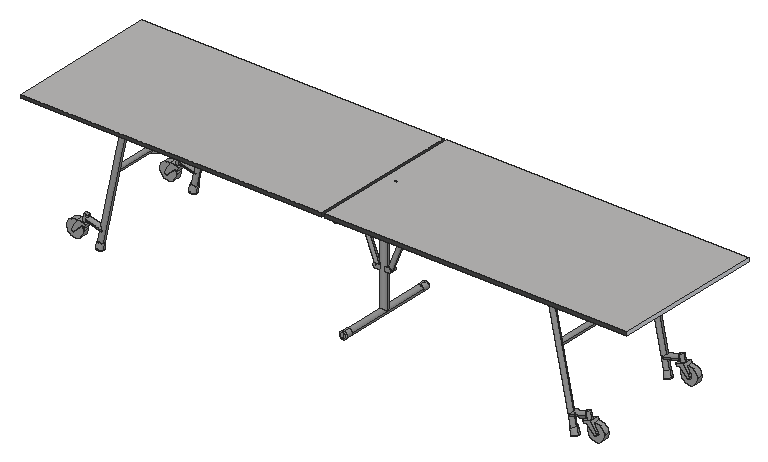
Revit family "23M Rect. 12 Long x 29 High", category Furniture, Revit 2016
Family settings
  OmniClass Number = 23.40.20.00
  OmniClass Title = General Furniture and Specialties
  Work Plane-Based = No
  Always vertical = Yes
  Cut with Voids When Loaded = No
  Shared = No
  Room Calculation Point = No
Parameters (values of type "23M15293612")
  Width = 3' - 0"
  Top [instance] = Palmer Hamilton Lt Gry
  Open [instance] = yes
  Model = "23M15293612"
  Length = 6' - 0"
  Frame [instance] = Palmer Hamilton - Frame
  Edge [instance] = Palmer Hamilton - Edge
  Closed [instance] = not(Open)  # no
Reference planes (in)
  plane 1 "Center Front/Back": y = 0
  plane 2: z = 0
  plane 3 "Center Left/Right": x = 0
  plane 4: x = -63.24988
Forms (in)
  Extrusion 1, solid, visible <- "Open"
    sketch origin (0, 0, 0) x (1, 0, 0) y (0, 1, 0)
      loop
        line (-72, 18) -> (-72, -18) -> (-0.375, -18) -> (-0.375, 18) -> (-72, 18)
    from 28.46537 to 29.28037
  Extrusion 2, solid, material "Palmer Hamilton - Frame" <- "Frame", visible <- "Open"
    sketch origin (0, 0, 0) x (1, 0, 0) y (0, 1, 0)
      loop
        line (-1, 14.5647) -> (-46, 14.5647) -> (-46, 14.4397) -> (-1, 14.4397) -> (-1, 14.5647)
      loop
        line (-1, -14.5647) -> (-1, -14.4397) -> (-56.00047, -14.4397) -> (-56.00047, -14.5647) -> (-1, -14.5647)
      loop
        line (-1, -2.9406) -> (-1, -2.8156) -> (-11.25, -2.8156) -> (-11.25, -2.9406) -> (-1, -2.9406)
      loop
        line (-11.25, 2.6994) -> (-11.25, 2.5744) -> (-1, 2.5744) -> (-1, 2.6994) -> (-11.25, 2.6994)
    from 26.71537 to 28.46537
  Extrusion 3, solid, material "Palmer Hamilton - Frame" <- "Frame", visible <- "Open"
    sketch origin (0, 0, 2.0625) x (1, 0, 0) y (0, 0, 1)
      loop
        line (-1, 25.71687) -> (-1, 26.41783) -> (-2.2141, 26.41783) -> (-2.2141, 24.66783) -> (-1.68301, 24.66783) -> (-0.3125, 23.87657)
        arc (-0.3125, 23.87657) -> (0.54127, 24.10533) -> (0.3125, 24.9591) r 0.625
        line (0.3125, 24.9591) -> (-1, 25.71687)
    from 14.5647 to 14.6547
  Extrusion 4, solid, material "Palmer Hamilton - Frame" <- "Frame", visible <- "Open"
    sketch origin (0, 0, 2.0625) x (1, 0, 0) y (0, 0, 1)
      loop
        line (-1, 25.71687) -> (-1, 26.41783) -> (-2.2141, 26.41783) -> (-2.2141, 24.66783) -> (-1.68301, 24.66783) -> (-0.3125, 23.87657)
        arc (-0.3125, 23.87657) -> (0.54127, 24.10533) -> (0.3125, 24.9591) r 0.625
        line (0.3125, 24.9591) -> (-1, 25.71687)
    from -14.4397 to -14.2345
  Extrusion 5, solid, material "Palmer Hamilton - Frame" <- "Frame", visible <- "Open"
    sketch origin (-19.11406, -1.84334, -5.19589) x (0.97817, 0, -0.207805) y (0, 1, 0)
      loop
        circle (-37.61218, -11.99504) r 0.625
    from -0.7676 to 25.54283
  Extrusion 6, solid, material "Palmer Hamilton - Frame" <- "Frame", visible <- "Open"
    sketch origin (-24.29272, -1.84334, -7.59113) x (0.96853, 0, -0.248899) y (0, 1, 0)
      loop
        circle (-37.61218, -11.99504) r 0.5
    from 3.24005 to 4.80312
  Extrusion 7, solid, material "Palmer Hamilton - Frame" <- "Frame", visible <- "Open"
    sketch origin (-16.83799, -1.84334, -8.39066) x (0, 1, 0) y (0.248899, 0, 0.96853)
      loop
        circle (-11.99504, 2.93123) r 0.625
    from -44.60154 to -40.56576
  Extrusion 8, solid, material "Palmer Hamilton - Steel", visible <- "Open"
    sketch origin (-10.09727, 0, 0) x (1, 0, 0) y (0, 0, 1)
      loop
        line (-52.03289, 3.19045) -> (-52.13109, 2.60323)
        arc (-52.13109, 2.60323) -> (-52.09644, 2.45601) -> (-51.96719, 2.37748) r 0.19565
        line (-51.96719, 2.37748) -> (-51.66391, 2.3319) -> (-49.7575, 4.11073) -> (-49.03037, 4.04579) -> (-48.86921, 4.64752) -> (-50.88816, 5.18826) -> (-52.03289, 3.19045)
    from 12.75797 to 14.81873
  Extrusion 9, solid, material "Palmer Hamilton - Caster", visible <- "Open"
    sketch origin (-10.09727, 0, 0) x (1, 0, 0) y (0, 0, 1)
      loop
        circle (-51.73769, 2.82768) r 2
    from 13.19373 to 14.44373
  Revolve 10, solid, material "Palmer Hamilton - Caster", visible <- "Open"
    sketch origin (-10.51421, -13.81873, 0.08862) x (1, 0, 0) y (0, 0, 1)
      loop
        line (-45.5482, 1.78014) -> (-46.23778, 1.92672) -> (-46.75081, 0.51718)
        arc (-46.75081, 0.51718) -> (-46.74816, 0.39542) -> (-46.66395, 0.30744) r 0.16803
        line (-46.66395, 0.30744) -> (-45.89593, 0.14419) -> (-45.5482, 1.78014)
      axis (-45.5482, 1.78014) -> (-45.89593, 0.14419)
    angle from 0 to 360
  Extrusion 11, solid, material "Palmer Hamilton - Frame" <- "Frame", visible <- "Open"
    sketch origin (-19.11406, 1.84334, -5.19589) x (0.97817, 0, -0.207805) y (0, 1, 0)
      loop
        circle (-37.61218, 11.99504) r 0.625
    from -0.7676 to 25.54283
  Extrusion 12, solid, material "Palmer Hamilton - Frame" <- "Frame", visible <- "Open"
    sketch origin (-24.29272, 1.84334, -7.59113) x (0.96853, 0, -0.248899) y (0, 1, 0)
      loop
        circle (-37.61218, 11.99504) r 0.5
    from 3.24005 to 4.80312
  Extrusion 13, solid, material "Palmer Hamilton - Frame" <- "Frame", visible <- "Open"
    sketch origin (-16.83799, 1.84334, -8.39066) x (0, -1, 0) y (-0.248899, 0, -0.96853)
      loop
        circle (-11.99504, -2.93123) r 0.625
    from -44.60154 to -40.56576
  Extrusion 14, solid, material "Palmer Hamilton - Steel", visible <- "Open"
    sketch origin (-10.09727, 0, 0) x (1, 0, 0) y (0, 0, -1)
      loop
        line (-52.03289, -3.19045) -> (-50.88816, -5.18826) -> (-48.86921, -4.64752) -> (-49.03037, -4.04579) -> (-49.7575, -4.11073) -> (-51.66391, -2.3319) -> (-51.96719, -2.37748)
        arc (-51.96719, -2.37748) -> (-52.09644, -2.45601) -> (-52.13109, -2.60323) r 0.19565
        line (-52.13109, -2.60323) -> (-52.03289, -3.19045)
    from 12.75797 to 14.81873
  Extrusion 15, solid, material "Palmer Hamilton - Caster", visible <- "Open"
    sketch origin (-10.09727, 0, 0) x (1, 0, 0) y (0, 0, -1)
      loop
        circle (-51.73769, -2.82768) r 2
    from 13.19373 to 14.44373
  Revolve 16, solid, material "Palmer Hamilton - Caster", visible <- "Open"
    sketch origin (-10.51421, 13.81873, 0.08862) x (1, 0, 0) y (0, 0, -1)
      loop
        line (-45.5482, -1.78014) -> (-45.89593, -0.14419) -> (-46.66395, -0.30744)
        arc (-46.66395, -0.30744) -> (-46.74816, -0.39542) -> (-46.75081, -0.51718) r 0.16803
        line (-46.75081, -0.51718) -> (-46.23778, -1.92672) -> (-45.5482, -1.78014)
      axis (-45.5482, -1.78014) -> (-45.89593, -0.14419)
    angle from 0 to 360
  Extrusion 17, solid, material "Palmer Hamilton - Frame" <- "Frame", visible <- "Open"
    sketch origin (-10.09727, 0, 2.0625) x (1, 0, 0) y (0, 0, 1)
      loop
        circle (-42.48052, 16.22033) r 0.625
    from -13.80887 to 13.79175
  Extrusion 18, solid, material "Palmer Hamilton - Frame" <- "Frame", visible <- "Open"
    sketch origin (0, 0, -0.05827) x (1, 0, 0) y (0, 0, 1)
      loop
        circle (0, 0.81533) r 0.75
    from -10.64625 to 10.58375
  Revolve 19, solid, material "Palmer Hamilton - Caster", visible <- "Open"
    sketch origin (0, 0, 0) x (0, 1, 0) y (0, 0, 1)
      loop
        arc (-12.1243, 1.60492) -> (-12.21555, 1.56995) -> (-12.25375, 1.48) r 0.125
        line (-12.25375, 1.48) -> (-12.25375, 0.77853) -> (-10.58375, 0.77853) -> (-10.58375, 1.55) -> (-12.1243, 1.60492)
      axis (-10.58375, 0.77853) -> (-12.25375, 0.77853)
    angle from 0 to 360
  Revolve 20, solid, material "Palmer Hamilton - Caster", visible <- "Open"
    sketch origin (0, 0, 0) x (0, -1, 0) y (0, 0, 1)
      loop
        arc (-12.1243, 1.60492) -> (-12.21555, 1.56995) -> (-12.25375, 1.48) r 0.125
        line (-12.25375, 1.48) -> (-12.25375, 0.77853) -> (-10.58375, 0.77853) -> (-10.58375, 1.55) -> (-12.1243, 1.60492)
      axis (-10.58375, 0.77853) -> (-12.25375, 0.77853)
    angle from 0 to 360
  Extrusion 21, solid, material "Palmer Hamilton - Frame" <- "Frame", visible <- "Open"
    sketch origin (0, 0, 0) x (1, 0, 0) y (0, 1, 0)
      loop
        circle (0, 0) r 0.75
    from 0.78805 to 27.76852
  Extrusion 22, solid, material "Palmer Hamilton - Frame" <- "Frame", visible <- "Open"
    sketch origin (8.36945, 0, 6.78192) x (0.931065, 0, 0.364854) y (0, 1, 0)
      loop
        circle (-8.10904, 0) r 0.5
    from 6.40638 to 25.54283
  Extrusion 23, solid, material "Palmer Hamilton - Frame" <- "Frame", visible <- "Open"
    sketch origin (0, 0, 2.0625) x (1, 0, 0) y (0, 0, 1)
      loop
        arc (-1.632, 8.5165) -> (-2.132, 8.0165) -> (-1.632, 7.5165) r 0.5
        line (-1.632, 7.5165) -> (1.632, 7.5165)
        arc (1.632, 7.5165) -> (2.132, 8.0165) -> (1.632, 8.5165) r 0.5
        line (1.632, 8.5165) -> (-1.632, 8.5165)
    from -0.69625 to 0.63375
  Extrusion 24, solid, material "Palmer Hamilton - Frame" <- "Frame", visible <- "Open"
    sketch origin (-10.09727, 0, 2.0625) x (1, 0, 0) y (0, 0, 1)
      loop
        arc (-40.07379, 16.44822) -> (-39.75284, 17.07829) -> (-40.38291, 17.39924) r 0.5
        line (-40.38291, 17.39924) -> (-42.23788, 16.7963) -> (-41.9787, 15.82905) -> (-40.07379, 16.44822)
    from 2.89343 to 4.17468
  Sweep 25, solid, material "Palmer Hamilton - Frame" <- "Frame", visible <- "Open"
    path origin (0, -3.5, 2.0625) x (1, 0, 0) y (0, 0, 1)
      loop
        line (-50.95751, 16.71355) -> (-30.18266, 22.2503)
        arc (-30.18266, 22.2503) -> (-29.93996, 22.30432) -> (-29.69363, 22.33806) r 3
        line (-29.69363, 22.33806) -> (-0.02607, 25.15457)
    profile origin (-40.57009, -3.5, 21.54442) x (-0.257524, 0, 0.966272) y (0, -1, 0)
      loop
        circle (0.00202, 0) r 0.5
  Extrusion 26, solid, visible <- "Closed"
    sketch origin (25.80265, 0, 71.45786) x (0.235142, 0, 0.971961) y (0, 1, 0)
      loop
        line (-72, 18) -> (-72, -18) -> (-0.375, -18) -> (-0.375, 18) -> (-72, 18)
    from 28.46537 to 29.28037
  Extrusion 27, solid, material "Palmer Hamilton - Frame" <- "Frame", visible <- "Closed"
    sketch origin (25.80265, 0, 71.45786) x (0.235142, 0, 0.971961) y (0, 1, 0)
      loop
        line (-1, 14.5647) -> (-46, 14.5647) -> (-46, 14.4397) -> (-1, 14.4397) -> (-1, 14.5647)
      loop
        line (-1, -14.5647) -> (-1, -14.4397) -> (-56.00047, -14.4397) -> (-56.00047, -14.5647) -> (-1, -14.5647)
      loop
        line (-1, -2.9406) -> (-1, -2.8156) -> (-11.25, -2.8156) -> (-11.25, -2.9406) -> (-1, -2.9406)
      loop
        line (-11.25, 2.6994) -> (-11.25, 2.5744) -> (-1, 2.5744) -> (-1, 2.6994) -> (-11.25, 2.6994)
    from 26.71537 to 28.46537
  Extrusion 28, solid, material "Palmer Hamilton - Frame" <- "Frame", visible <- "Closed"
    sketch origin (23.79798, 0, 71.94284) x (0.235142, 0, 0.971961) y (-0.971961, 0, 0.235142)
      loop
        line (-1, 25.71687) -> (-1, 26.41783) -> (-2.2141, 26.41783) -> (-2.2141, 24.66783) -> (-1.68301, 24.66783) -> (-0.3125, 23.87657)
        arc (-0.3125, 23.87657) -> (0.54127, 24.10533) -> (0.3125, 24.9591) r 0.625
        line (0.3125, 24.9591) -> (-1, 25.71687)
    from 14.5647 to 14.6547
  Extrusion 29, solid, material "Palmer Hamilton - Frame" <- "Frame", visible <- "Closed"
    sketch origin (23.79798, 0, 71.94284) x (0.235142, 0, 0.971961) y (-0.971961, 0, 0.235142)
      loop
        line (-1, 25.71687) -> (-1, 26.41783) -> (-2.2141, 26.41783) -> (-2.2141, 24.66783) -> (-1.68301, 24.66783) -> (-0.3125, 23.87657)
        arc (-0.3125, 23.87657) -> (0.54127, 24.10533) -> (0.3125, 24.9591) r 0.625
        line (0.3125, 24.9591) -> (-1, 25.71687)
    from -14.4397 to -14.2345
  Extrusion 30, solid, material "Palmer Hamilton - Frame" <- "Frame", visible <- "Closed"
    sketch origin (0, 0, 39.74619) x (1, 0, 0) y (0, 0, 1)
      loop
        circle (0, 0.81533) r 0.75
    from -10.64625 to 10.58375
  Revolve 31, solid, material "Palmer Hamilton - Caster", visible <- "Closed"
    sketch origin (0, 0, 39.80446) x (0, 1, 0) y (0, 0, 1)
      loop
        arc (-12.1243, 1.60492) -> (-12.21555, 1.56995) -> (-12.25375, 1.48) r 0.125
        line (-12.25375, 1.48) -> (-12.25375, 0.77853) -> (-10.58375, 0.77853) -> (-10.58375, 1.55) -> (-12.1243, 1.60492)
      axis (-10.58375, 0.77853) -> (-12.25375, 0.77853)
    angle from 0 to 360
  Revolve 32, solid, material "Palmer Hamilton - Caster", visible <- "Closed"
    sketch origin (0, 0, 39.80446) x (0, -1, 0) y (0, 0, 1)
      loop
        arc (-12.1243, 1.60492) -> (-12.21555, 1.56995) -> (-12.25375, 1.48) r 0.125
        line (-12.25375, 1.48) -> (-12.25375, 0.77853) -> (-10.58375, 0.77853) -> (-10.58375, 1.55) -> (-12.1243, 1.60492)
      axis (-10.58375, 0.77853) -> (-12.25375, 0.77853)
    angle from 0 to 360
  Extrusion 33, solid, material "Palmer Hamilton - Frame" <- "Frame", visible <- "Closed"
    sketch origin (7.08113, 0, 43.97777) x (0.99541, 0, 0.095706) y (0, 1, 0)
      loop
        circle (-8.10904, 0) r 0.5
    from 6.40638 to 25.54283
  Extrusion 34, solid, material "Palmer Hamilton - Frame" <- "Frame", visible <- "Closed"
    sketch origin (0, 0, 41.86696) x (1, 0, 0) y (0, 0, 1)
      loop
        arc (-1.632, 8.5165) -> (-2.132, 8.0165) -> (-1.632, 7.5165) r 0.5
        line (-1.632, 7.5165) -> (1.632, 7.5165)
        arc (1.632, 7.5165) -> (2.132, 8.0165) -> (1.632, 8.5165) r 0.5
        line (1.632, 8.5165) -> (-1.632, 8.5165)
    from -0.69625 to 0.63375
  Extrusion 35, solid, material "Palmer Hamilton - Frame" <- "Frame", visible <- "Closed"
    sketch origin (-0.0081, 0, 0) x (-1, 0, 0) y (0, -1, 0)
      loop
        circle (0, 0) r 0.75
    from 40.45158 to 77.97096
  Extrusion 36, solid, material "Palmer Hamilton - Frame" <- "Frame", visible <- "Closed"
    sketch origin (26.79717, -1.84334, 6.78367) x (0.995936, 0, 0.090063) y (0, 1, 0)
      loop
        circle (-37.61218, -11.99504) r 0.625
    from -0.7676 to 25.54283
  Extrusion 37, solid, material "Palmer Hamilton - Frame" <- "Frame", visible <- "Closed"
    sketch origin (22.55581, -1.84334, 2.96707) x (0.99885, 0, 0.047954) y (0, 1, 0)
      loop
        circle (-37.61218, -11.99504) r 0.5
    from 3.24005 to 4.80312
  Extrusion 38, solid, material "Palmer Hamilton - Frame" <- "Frame", visible <- "Closed"
    sketch origin (29.91456, -1.84334, 4.40271) x (0, 1, 0) y (-0.047954, 0, 0.99885)
      loop
        circle (-11.99504, 2.93123) r 0.625
    from -44.60154 to -40.56576
  Extrusion 39, solid, material "Palmer Hamilton - Steel", visible <- "Closed"
    sketch origin (33.87945, 0, 14.40871) x (0.95548, 0, 0.295057) y (-0.295057, 0, 0.95548)
      loop
        line (-52.03289, 3.19045) -> (-52.13109, 2.60323)
        arc (-52.13109, 2.60323) -> (-52.09644, 2.45601) -> (-51.96719, 2.37748) r 0.19565
        line (-51.96719, 2.37748) -> (-51.66391, 2.3319) -> (-49.7575, 4.11073) -> (-49.03037, 4.04579) -> (-48.86921, 4.64752) -> (-50.88816, 5.18826) -> (-52.03289, 3.19045)
    from 12.75797 to 14.81873
  Extrusion 40, solid, material "Palmer Hamilton - Caster", visible <- "Closed"
    sketch origin (33.87945, 0, 14.40871) x (0.95548, 0, 0.295057) y (-0.295057, 0, 0.95548)
      loop
        circle (-51.73769, 2.82768) r 2
    from 13.19373 to 14.44373
  Revolve 41, solid, material "Palmer Hamilton - Caster", visible <- "Closed"
    sketch origin (33.45492, -13.81873, 14.37037) x (0.95548, 0, 0.295057) y (-0.295057, 0, 0.95548)
      loop
        line (-45.5482, 1.78014) -> (-46.23778, 1.92672) -> (-46.75081, 0.51718)
        arc (-46.75081, 0.51718) -> (-46.74816, 0.39542) -> (-46.66395, 0.30744) r 0.16803
        line (-46.66395, 0.30744) -> (-45.89593, 0.14419) -> (-45.5482, 1.78014)
      axis (-45.5482, 1.78014) -> (-45.89593, 0.14419)
    angle from 0 to 360
  Extrusion 42, solid, material "Palmer Hamilton - Frame" <- "Frame", visible <- "Closed"
    sketch origin (26.79717, 1.84334, 6.78367) x (0.995936, 0, 0.090063) y (0, 1, 0)
      loop
        circle (-37.61218, 11.99504) r 0.625
    from -0.7676 to 25.54283
  Extrusion 43, solid, material "Palmer Hamilton - Frame" <- "Frame", visible <- "Closed"
    sketch origin (22.55581, 1.84334, 2.96707) x (0.99885, 0, 0.047954) y (0, 1, 0)
      loop
        circle (-37.61218, 11.99504) r 0.5
    from 3.24005 to 4.80312
  Extrusion 44, solid, material "Palmer Hamilton - Frame" <- "Frame", visible <- "Closed"
    sketch origin (29.91456, 1.84334, 4.40271) x (0, -1, 0) y (0.047954, 0, -0.99885)
      loop
        circle (-11.99504, -2.93123) r 0.625
    from -44.60154 to -40.56576
  Extrusion 45, solid, material "Palmer Hamilton - Steel", visible <- "Closed"
    sketch origin (33.87945, 0, 14.40871) x (0.95548, 0, 0.295057) y (0.295057, 0, -0.95548)
      loop
        line (-52.03289, -3.19045) -> (-50.88816, -5.18826) -> (-48.86921, -4.64752) -> (-49.03037, -4.04579) -> (-49.7575, -4.11073) -> (-51.66391, -2.3319) -> (-51.96719, -2.37748)
        arc (-51.96719, -2.37748) -> (-52.09644, -2.45601) -> (-52.13109, -2.60323) r 0.19565
        line (-52.13109, -2.60323) -> (-52.03289, -3.19045)
    from 12.75797 to 14.81873
  Extrusion 46, solid, material "Palmer Hamilton - Caster", visible <- "Closed"
    sketch origin (33.87945, 0, 14.40871) x (0.95548, 0, 0.295057) y (0.295057, 0, -0.95548)
      loop
        circle (-51.73769, -2.82768) r 2
    from 13.19373 to 14.44373
  Revolve 47, solid, material "Palmer Hamilton - Caster", visible <- "Closed"
    sketch origin (33.45492, 13.81873, 14.37037) x (0.95548, 0, 0.295057) y (0.295057, 0, -0.95548)
      loop
        line (-45.5482, -1.78014) -> (-45.89593, -0.14419) -> (-46.66395, -0.30744)
        arc (-46.66395, -0.30744) -> (-46.74816, -0.39542) -> (-46.75081, -0.51718) r 0.16803
        line (-46.75081, -0.51718) -> (-46.23778, -1.92672) -> (-45.5482, -1.78014)
      axis (-45.5482, -1.78014) -> (-45.89593, -0.14419)
    angle from 0 to 360
  Extrusion 48, solid, material "Palmer Hamilton - Frame" <- "Frame", visible <- "Closed"
    sketch origin (33.2709, 0, 16.37939) x (0.95548, 0, 0.295057) y (-0.295057, 0, 0.95548)
      loop
        circle (-42.48052, 16.22033) r 0.625
    from -13.80887 to 13.79175
  Extrusion 49, solid, material "Palmer Hamilton - Frame" <- "Frame", visible <- "Closed"
    sketch origin (33.2709, 0, 16.37939) x (0.95548, 0, 0.295057) y (-0.295057, 0, 0.95548)
      loop
        arc (-40.07379, 16.44822) -> (-39.75284, 17.07829) -> (-40.38291, 17.39924) r 0.5
        line (-40.38291, 17.39924) -> (-42.23788, 16.7963) -> (-41.9787, 15.82905) -> (-40.07379, 16.44822)
    from 2.89343 to 4.17468
  Sweep 50, solid, material "Palmer Hamilton - Frame" <- "Frame", visible <- "Closed"
    path origin (0, 0, 0) x (1, 0, 0) y (0, 0, 1)
      loop
        line (-10.21647, 20.29906) -> (-7.6514, 41.3145)
        arc (-7.6514, 41.3145) -> (-7.61108, 41.55984) -> (-7.55057, 41.80101) r 3
        line (-7.55057, 41.80101) -> (1.87006, 73.68853)
    profile origin (-8.93393, 0, 30.80678) x (-0.992633, 0, 0.121157) y (0, -1, 0)
      loop
        circle (0, 3.53405) r 0.5
  Extrusion 51, solid, visible <- "Open"
    sketch origin (0, 0, 0) x (-1, 0, 0) y (0, -1, 0)
      loop
        line (-72, 18) -> (-72, -18) -> (-0.375, -18) -> (-0.375, 18) -> (-72, 18)
    from 28.46537 to 29.28037
  Extrusion 52, solid, material "Palmer Hamilton - Frame" <- "Frame", visible <- "Open"
    sketch origin (0, 0, 0) x (-1, 0, 0) y (0, -1, 0)
      loop
        line (-1, 14.5647) -> (-46, 14.5647) -> (-46, 14.4397) -> (-1, 14.4397) -> (-1, 14.5647)
      loop
        line (-1, -14.5647) -> (-1, -14.4397) -> (-56.00047, -14.4397) -> (-56.00047, -14.5647) -> (-1, -14.5647)
      loop
        line (-1, -2.9406) -> (-1, -2.8156) -> (-11.25, -2.8156) -> (-11.25, -2.9406) -> (-1, -2.9406)
      loop
        line (-11.25, 2.6994) -> (-11.25, 2.5744) -> (-1, 2.5744) -> (-1, 2.6994) -> (-11.25, 2.6994)
    from 26.71537 to 28.46537
  Extrusion 53, solid, material "Palmer Hamilton - Frame" <- "Frame", visible <- "Open"
    sketch origin (0, 0, 2.0625) x (-1, 0, 0) y (0, 0, 1)
      loop
        line (-1, 25.71687) -> (-1, 26.41783) -> (-2.2141, 26.41783) -> (-2.2141, 24.66783) -> (-1.68301, 24.66783) -> (-0.3125, 23.87657)
        arc (-0.3125, 23.87657) -> (0.54127, 24.10533) -> (0.3125, 24.9591) r 0.625
        line (0.3125, 24.9591) -> (-1, 25.71687)
    from 14.5647 to 14.6547
  Extrusion 54, solid, material "Palmer Hamilton - Frame" <- "Frame", visible <- "Open"
    sketch origin (0, 0, 2.0625) x (-1, 0, 0) y (0, 0, 1)
      loop
        line (-1, 25.71687) -> (-1, 26.41783) -> (-2.2141, 26.41783) -> (-2.2141, 24.66783) -> (-1.68301, 24.66783) -> (-0.3125, 23.87657)
        arc (-0.3125, 23.87657) -> (0.54127, 24.10533) -> (0.3125, 24.9591) r 0.625
        line (0.3125, 24.9591) -> (-1, 25.71687)
    from -14.4397 to -14.2345
  Extrusion 55, solid, material "Palmer Hamilton - Frame" <- "Frame", visible <- "Open"
    sketch origin (19.11406, 1.84334, -5.19589) x (-0.97817, 0, -0.207805) y (0, -1, 0)
      loop
        circle (-37.61218, -11.99504) r 0.625
    from -0.7676 to 25.54283
  Extrusion 56, solid, material "Palmer Hamilton - Frame" <- "Frame", visible <- "Open"
    sketch origin (24.29272, 1.84334, -7.59113) x (-0.96853, 0, -0.248899) y (0, -1, 0)
      loop
        circle (-37.61218, -11.99504) r 0.5
    from 3.24005 to 4.80312
  Extrusion 57, solid, material "Palmer Hamilton - Frame" <- "Frame", visible <- "Open"
    sketch origin (16.83799, 1.84334, -8.39066) x (0, -1, 0) y (-0.248899, 0, 0.96853)
      loop
        circle (-11.99504, 2.93123) r 0.625
    from -44.60154 to -40.56576
  Extrusion 58, solid, material "Palmer Hamilton - Steel", visible <- "Open"
    sketch origin (10.09727, 0, 0) x (-1, 0, 0) y (0, 0, 1)
      loop
        line (-52.03289, 3.19045) -> (-52.13109, 2.60323)
        arc (-52.13109, 2.60323) -> (-52.09644, 2.45601) -> (-51.96719, 2.37748) r 0.19565
        line (-51.96719, 2.37748) -> (-51.66391, 2.3319) -> (-49.7575, 4.11073) -> (-49.03037, 4.04579) -> (-48.86921, 4.64752) -> (-50.88816, 5.18826) -> (-52.03289, 3.19045)
    from 12.75797 to 14.81873
  Extrusion 59, solid, material "Palmer Hamilton - Caster", visible <- "Open"
    sketch origin (10.09727, 0, 0) x (-1, 0, 0) y (0, 0, 1)
      loop
        circle (-51.73769, 2.82768) r 2
    from 13.19373 to 14.44373
  Revolve 60, solid, material "Palmer Hamilton - Caster", visible <- "Open"
    sketch origin (10.51421, 13.81873, 0.08862) x (-1, 0, 0) y (0, 0, 1)
      loop
        line (-45.5482, 1.78014) -> (-46.23778, 1.92672) -> (-46.75081, 0.51718)
        arc (-46.75081, 0.51718) -> (-46.74816, 0.39542) -> (-46.66395, 0.30744) r 0.16803
        line (-46.66395, 0.30744) -> (-45.89593, 0.14419) -> (-45.5482, 1.78014)
      axis (-45.5482, 1.78014) -> (-45.89593, 0.14419)
    angle from 0 to 360
  Extrusion 61, solid, material "Palmer Hamilton - Frame" <- "Frame", visible <- "Open"
    sketch origin (19.11406, -1.84334, -5.19589) x (-0.97817, 0, -0.207805) y (0, -1, 0)
      loop
        circle (-37.61218, 11.99504) r 0.625
    from -0.7676 to 25.54283
  Extrusion 62, solid, material "Palmer Hamilton - Frame" <- "Frame", visible <- "Open"
    sketch origin (24.29272, -1.84334, -7.59113) x (-0.96853, 0, -0.248899) y (0, -1, 0)
      loop
        circle (-37.61218, 11.99504) r 0.5
    from 3.24005 to 4.80312
  Extrusion 63, solid, material "Palmer Hamilton - Frame" <- "Frame", visible <- "Open"
    sketch origin (16.83799, -1.84334, -8.39066) x (0, 1, 0) y (0.248899, 0, -0.96853)
      loop
        circle (-11.99504, -2.93123) r 0.625
    from -44.60154 to -40.56576
  Extrusion 64, solid, material "Palmer Hamilton - Steel", visible <- "Open"
    sketch origin (10.09727, 0, 0) x (-1, 0, 0) y (0, 0, -1)
      loop
        line (-52.03289, -3.19045) -> (-50.88816, -5.18826) -> (-48.86921, -4.64752) -> (-49.03037, -4.04579) -> (-49.7575, -4.11073) -> (-51.66391, -2.3319) -> (-51.96719, -2.37748)
        arc (-51.96719, -2.37748) -> (-52.09644, -2.45601) -> (-52.13109, -2.60323) r 0.19565
        line (-52.13109, -2.60323) -> (-52.03289, -3.19045)
    from 12.75797 to 14.81873
  Extrusion 65, solid, material "Palmer Hamilton - Caster", visible <- "Open"
    sketch origin (10.09727, 0, 0) x (-1, 0, 0) y (0, 0, -1)
      loop
        circle (-51.73769, -2.82768) r 2
    from 13.19373 to 14.44373
  Revolve 66, solid, material "Palmer Hamilton - Caster", visible <- "Open"
    sketch origin (10.51421, -13.81873, 0.08862) x (-1, 0, 0) y (0, 0, -1)
      loop
        line (-45.5482, -1.78014) -> (-45.89593, -0.14419) -> (-46.66395, -0.30744)
        arc (-46.66395, -0.30744) -> (-46.74816, -0.39542) -> (-46.75081, -0.51718) r 0.16803
        line (-46.75081, -0.51718) -> (-46.23778, -1.92672) -> (-45.5482, -1.78014)
      axis (-45.5482, -1.78014) -> (-45.89593, -0.14419)
    angle from 0 to 360
  Extrusion 67, solid, material "Palmer Hamilton - Frame" <- "Frame", visible <- "Open"
    sketch origin (10.09727, 0, 2.0625) x (-1, 0, 0) y (0, 0, 1)
      loop
        circle (-42.48052, 16.22033) r 0.625
    from -13.80887 to 13.79175
  Extrusion 68, solid, material "Palmer Hamilton - Frame" <- "Frame", visible <- "Open"
    sketch origin (-8.36945, 0, 6.78192) x (-0.931065, 0, 0.364854) y (0, -1, 0)
      loop
        circle (-8.10904, 0) r 0.5
    from 6.40638 to 25.54283
  Extrusion 69, solid, material "Palmer Hamilton - Frame" <- "Frame", visible <- "Open"
    sketch origin (10.09727, 0, 2.0625) x (-1, 0, 0) y (0, 0, 1)
      loop
        arc (-40.07379, 16.44822) -> (-39.75284, 17.07829) -> (-40.38291, 17.39924) r 0.5
        line (-40.38291, 17.39924) -> (-42.23788, 16.7963) -> (-41.9787, 15.82905) -> (-40.07379, 16.44822)
    from 2.89343 to 4.17468
  Sweep 70, solid, material "Palmer Hamilton - Frame" <- "Frame", visible <- "Open"
    path origin (0, 3.5, 2.0625) x (-1, 0, 0) y (0, 0, 1)
      loop
        line (-50.95751, 16.71355) -> (-30.18266, 22.2503)
        arc (-30.18266, 22.2503) -> (-29.93996, 22.30432) -> (-29.69363, 22.33806) r 3
        line (-29.69363, 22.33806) -> (-0.02607, 25.15457)
    profile origin (40.57009, 3.5, 21.54442) x (0.257524, 0, 0.966272) y (0, 1, 0)
      loop
        circle (0.00202, 0) r 0.5
  Extrusion 71, solid, visible <- "Closed"
    sketch origin (-25.80265, 0, 71.45786) x (-0.235142, 0, 0.971961) y (0, -1, 0)
      loop
        line (-72, 18) -> (-72, -18) -> (-0.375, -18) -> (-0.375, 18) -> (-72, 18)
    from 28.46537 to 29.28037
  Extrusion 72, solid, material "Palmer Hamilton - Frame" <- "Frame", visible <- "Closed"
    sketch origin (-25.80265, 0, 71.45786) x (-0.235142, 0, 0.971961) y (0, -1, 0)
      loop
        line (-1, 14.5647) -> (-46, 14.5647) -> (-46, 14.4397) -> (-1, 14.4397) -> (-1, 14.5647)
      loop
        line (-1, -14.5647) -> (-1, -14.4397) -> (-56.00047, -14.4397) -> (-56.00047, -14.5647) -> (-1, -14.5647)
      loop
        line (-1, -2.9406) -> (-1, -2.8156) -> (-11.25, -2.8156) -> (-11.25, -2.9406) -> (-1, -2.9406)
      loop
        line (-11.25, 2.6994) -> (-11.25, 2.5744) -> (-1, 2.5744) -> (-1, 2.6994) -> (-11.25, 2.6994)
    from 26.71537 to 28.46537
  Extrusion 73, solid, material "Palmer Hamilton - Frame" <- "Frame", visible <- "Closed"
    sketch origin (-23.79798, 0, 71.94284) x (-0.235142, 0, 0.971961) y (0.971961, 0, 0.235142)
      loop
        line (-1, 25.71687) -> (-1, 26.41783) -> (-2.2141, 26.41783) -> (-2.2141, 24.66783) -> (-1.68301, 24.66783) -> (-0.3125, 23.87657)
        arc (-0.3125, 23.87657) -> (0.54127, 24.10533) -> (0.3125, 24.9591) r 0.625
        line (0.3125, 24.9591) -> (-1, 25.71687)
    from 14.5647 to 14.6547
  Extrusion 74, solid, material "Palmer Hamilton - Frame" <- "Frame", visible <- "Closed"
    sketch origin (-23.79798, 0, 71.94284) x (-0.235142, 0, 0.971961) y (0.971961, 0, 0.235142)
      loop
        line (-1, 25.71687) -> (-1, 26.41783) -> (-2.2141, 26.41783) -> (-2.2141, 24.66783) -> (-1.68301, 24.66783) -> (-0.3125, 23.87657)
        arc (-0.3125, 23.87657) -> (0.54127, 24.10533) -> (0.3125, 24.9591) r 0.625
        line (0.3125, 24.9591) -> (-1, 25.71687)
    from -14.4397 to -14.2345
  Extrusion 75, solid, material "Palmer Hamilton - Frame" <- "Frame", visible <- "Closed"
    sketch origin (-7.08113, 0, 43.97777) x (-0.99541, 0, 0.095706) y (0, -1, 0)
      loop
        circle (-8.10904, 0) r 0.5
    from 6.40638 to 25.54283
  Extrusion 76, solid, material "Palmer Hamilton - Frame" <- "Frame", visible <- "Closed"
    sketch origin (-26.79717, 1.84334, 6.78367) x (-0.995936, 0, 0.090063) y (0, -1, 0)
      loop
        circle (-37.61218, -11.99504) r 0.625
    from -0.7676 to 25.54283
  Extrusion 77, solid, material "Palmer Hamilton - Frame" <- "Frame", visible <- "Closed"
    sketch origin (-22.55581, 1.84334, 2.96707) x (-0.99885, 0, 0.047954) y (0, -1, 0)
      loop
        circle (-37.61218, -11.99504) r 0.5
    from 3.24005 to 4.80312
  Extrusion 78, solid, material "Palmer Hamilton - Frame" <- "Frame", visible <- "Closed"
    sketch origin (-29.91456, 1.84334, 4.40271) x (0, -1, 0) y (0.047954, 0, 0.99885)
      loop
        circle (-11.99504, 2.93123) r 0.625
    from -44.60154 to -40.56576
  Extrusion 79, solid, material "Palmer Hamilton - Steel", visible <- "Closed"
    sketch origin (-33.87945, 0, 14.40871) x (-0.95548, 0, 0.295057) y (0.295057, 0, 0.95548)
      loop
        line (-52.03289, 3.19045) -> (-52.13109, 2.60323)
        arc (-52.13109, 2.60323) -> (-52.09644, 2.45601) -> (-51.96719, 2.37748) r 0.19565
        line (-51.96719, 2.37748) -> (-51.66391, 2.3319) -> (-49.7575, 4.11073) -> (-49.03037, 4.04579) -> (-48.86921, 4.64752) -> (-50.88816, 5.18826) -> (-52.03289, 3.19045)
    from 12.75797 to 14.81873
  Extrusion 80, solid, material "Palmer Hamilton - Caster", visible <- "Closed"
    sketch origin (-33.87945, 0, 14.40871) x (-0.95548, 0, 0.295057) y (0.295057, 0, 0.95548)
      loop
        circle (-51.73769, 2.82768) r 2
    from 13.19373 to 14.44373
  Revolve 81, solid, material "Palmer Hamilton - Caster", visible <- "Closed"
    sketch origin (-33.45492, 13.81873, 14.37037) x (-0.95548, 0, 0.295057) y (0.295057, 0, 0.95548)
      loop
        line (-45.5482, 1.78014) -> (-46.23778, 1.92672) -> (-46.75081, 0.51718)
        arc (-46.75081, 0.51718) -> (-46.74816, 0.39542) -> (-46.66395, 0.30744) r 0.16803
        line (-46.66395, 0.30744) -> (-45.89593, 0.14419) -> (-45.5482, 1.78014)
      axis (-45.5482, 1.78014) -> (-45.89593, 0.14419)
    angle from 0 to 360
  Extrusion 82, solid, material "Palmer Hamilton - Frame" <- "Frame", visible <- "Closed"
    sketch origin (-26.79717, -1.84334, 6.78367) x (-0.995936, 0, 0.090063) y (0, -1, 0)
      loop
        circle (-37.61218, 11.99504) r 0.625
    from -0.7676 to 25.54283
  Extrusion 83, solid, material "Palmer Hamilton - Frame" <- "Frame", visible <- "Closed"
    sketch origin (-22.55581, -1.84334, 2.96707) x (-0.99885, 0, 0.047954) y (0, -1, 0)
      loop
        circle (-37.61218, 11.99504) r 0.5
    from 3.24005 to 4.80312
  Extrusion 84, solid, material "Palmer Hamilton - Frame" <- "Frame", visible <- "Closed"
    sketch origin (-29.91456, -1.84334, 4.40271) x (0, 1, 0) y (-0.047954, 0, -0.99885)
      loop
        circle (-11.99504, -2.93123) r 0.625
    from -44.60154 to -40.56576
  Extrusion 85, solid, material "Palmer Hamilton - Steel", visible <- "Closed"
    sketch origin (-33.87945, 0, 14.40871) x (-0.95548, 0, 0.295057) y (-0.295057, 0, -0.95548)
      loop
        line (-52.03289, -3.19045) -> (-50.88816, -5.18826) -> (-48.86921, -4.64752) -> (-49.03037, -4.04579) -> (-49.7575, -4.11073) -> (-51.66391, -2.3319) -> (-51.96719, -2.37748)
        arc (-51.96719, -2.37748) -> (-52.09644, -2.45601) -> (-52.13109, -2.60323) r 0.19565
        line (-52.13109, -2.60323) -> (-52.03289, -3.19045)
    from 12.75797 to 14.81873
  Extrusion 86, solid, material "Palmer Hamilton - Caster", visible <- "Closed"
    sketch origin (-33.87945, 0, 14.40871) x (-0.95548, 0, 0.295057) y (-0.295057, 0, -0.95548)
      loop
        circle (-51.73769, -2.82768) r 2
    from 13.19373 to 14.44373
  Revolve 87, solid, material "Palmer Hamilton - Caster", visible <- "Closed"
    sketch origin (-33.45492, -13.81873, 14.37037) x (-0.95548, 0, 0.295057) y (-0.295057, 0, -0.95548)
      loop
        line (-45.5482, -1.78014) -> (-45.89593, -0.14419) -> (-46.66395, -0.30744)
        arc (-46.66395, -0.30744) -> (-46.74816, -0.39542) -> (-46.75081, -0.51718) r 0.16803
        line (-46.75081, -0.51718) -> (-46.23778, -1.92672) -> (-45.5482, -1.78014)
      axis (-45.5482, -1.78014) -> (-45.89593, -0.14419)
    angle from 0 to 360
  Extrusion 88, solid, material "Palmer Hamilton - Frame" <- "Frame", visible <- "Closed"
    sketch origin (-33.2709, 0, 16.37939) x (-0.95548, 0, 0.295057) y (0.295057, 0, 0.95548)
      loop
        circle (-42.48052, 16.22033) r 0.625
    from -13.80887 to 13.79175
  Extrusion 89, solid, material "Palmer Hamilton - Frame" <- "Frame", visible <- "Closed"
    sketch origin (-33.2709, 0, 16.37939) x (-0.95548, 0, 0.295057) y (0.295057, 0, 0.95548)
      loop
        arc (-40.07379, 16.44822) -> (-39.75284, 17.07829) -> (-40.38291, 17.39924) r 0.5
        line (-40.38291, 17.39924) -> (-42.23788, 16.7963) -> (-41.9787, 15.82905) -> (-40.07379, 16.44822)
    from 2.89343 to 4.17468
  Sweep 90, solid, material "Palmer Hamilton - Frame" <- "Frame", visible <- "Closed"
    path origin (0, 0, 0) x (-1, 0, 0) y (0, 0, 1)
      loop
        line (-10.21647, 20.29906) -> (-7.6514, 41.3145)
        arc (-7.6514, 41.3145) -> (-7.61108, 41.55984) -> (-7.55057, 41.80101) r 3
        line (-7.55057, 41.80101) -> (1.87006, 73.68853)
    profile origin (8.93393, 0, 30.80678) x (0.992633, 0, 0.121157) y (0, 1, 0)
      loop
        circle (0, 3.53405) r 0.5
Dimensions and locks (in)
  "Width": Extrusion 1 sketch curve to Extrusion 1 sketch curve
  "Width": Extrusion 26 sketch curve to Extrusion 26 sketch curve
  "Width": Extrusion 51 sketch curve to Extrusion 51 sketch curve
  "Width": Extrusion 71 sketch curve to Extrusion 71 sketch curve
  equal spacing: Extrusion 1 sketch curve, plane 1 "Center Front/Back", Extrusion 1 sketch curve
  equal spacing: Extrusion 51 sketch curve, plane 1 "Center Front/Back", Extrusion 51 sketch curve
  equal spacing: Extrusion 26 sketch curve, plane 1 "Center Front/Back", Extrusion 26 sketch curve
  equal spacing: Extrusion 26, plane 1 "Center Front/Back", Extrusion 26
  equal spacing: Extrusion 71 sketch curve, plane 1 "Center Front/Back", Extrusion 71 sketch curve
  aligned and locked: level to plane 2
Automatic sketch dimensions
  plane 4 to Extrusion 2 sketch curve = 0' - 7.24941"
  plane 4 to Extrusion 2 sketch curve = 1' - 5.24988"
  Extrusion 2 sketch curve to plane 1 "Center Front/Back" = 0' - 2.6994"
  Extrusion 2 sketch curve to plane 3 "Center Left/Right" = 0' - 11 1/4"
  Extrusion 2 sketch curve to Extrusion 2 sketch curve = 0' - 0"
  Extrusion 2 sketch curve to plane 3 "Center Left/Right" = 0' - 1"  (x4)
  Extrusion 2 sketch curve to Extrusion 2 sketch curve = 0' - 0 1/8"  (x4)
  plane 1 "Center Front/Back" to Extrusion 2 sketch curve = 0' - 2.8156"
  plane 1 "Center Front/Back" to Extrusion 2 sketch curve = 1' - 2.4397"
  Extrusion 2 sketch curve to Extrusion 2 sketch curve = 0' - 11.7403"
  Extrusion 3 sketch curve to plane 3 "Center Left/Right" = 0' - 0"
  Extrusion 3 sketch curve to plane 3 "Center Left/Right" = 0' - 0 5/16"
  Extrusion 3 sketch curve to plane 3 "Center Left/Right" = 0' - 1"
  Extrusion 3 sketch curve to Extrusion 3 sketch curve = 0' - 0.68301"
  Extrusion 3 sketch curve to Extrusion 3 sketch curve = 0' - 1.2141"
  plane 3 "Center Left/Right" to Extrusion 3 sketch curve = 0' - 0 5/16"
  level to Extrusion 3 sketch curve = 2' - 1.93907"
  Extrusion 3 sketch curve to Extrusion 3 sketch curve = 0' - 0.54127"
  Extrusion 3 sketch curve to Extrusion 3 sketch curve = 0' - 0.79127"
  Extrusion 3 sketch curve to Extrusion 3 sketch curve = 0' - 1.04904"
  Extrusion 3 sketch curve to Extrusion 3 sketch curve = 0' - 0.70096"
  Extrusion 4 sketch curve to plane 3 "Center Left/Right" = 0' - 0"
  Extrusion 4 sketch curve to plane 3 "Center Left/Right" = 0' - 0 5/16"
  Extrusion 4 sketch curve to plane 3 "Center Left/Right" = 0' - 1"
  Extrusion 4 sketch curve to Extrusion 4 sketch curve = 0' - 0.68301"
  Extrusion 4 sketch curve to Extrusion 4 sketch curve = 0' - 1.2141"
  plane 3 "Center Left/Right" to Extrusion 4 sketch curve = 0' - 0 5/16"
  level to Extrusion 4 sketch curve = 2' - 1.93907"
  Extrusion 4 sketch curve to Extrusion 4 sketch curve = 0' - 0.54127"
  Extrusion 4 sketch curve to Extrusion 4 sketch curve = 0' - 0.79127"
  Extrusion 4 sketch curve to Extrusion 4 sketch curve = 0' - 1.04904"
  Extrusion 4 sketch curve to Extrusion 4 sketch curve = 0' - 0.70096"
  plane 1 "Center Front/Back" to Extrusion 5 sketch curve = 1' - 1.83838"
  plane 1 "Center Front/Back" to Extrusion 6 sketch curve = 1' - 1.83838"
  plane 1 "Center Front/Back" to Extrusion 7 sketch curve = 1' - 1.83838"
  plane 4 to Extrusion 8 sketch curve = 0' - 1.02152"
  Extrusion 8 sketch curve to Extrusion 8 sketch curve = 0' - 0.0982"
  Extrusion 8 sketch curve to Extrusion 8 sketch curve = 0' - 0.1639"
  Extrusion 8 sketch curve to Extrusion 8 sketch curve = 0' - 0.19297"
  Extrusion 8 sketch curve to Extrusion 8 sketch curve = 0' - 0.30329"
  plane 4 to Extrusion 8 sketch curve = 0' - 2.26445"
  Extrusion 8 sketch curve to Extrusion 8 sketch curve = 0' - 1.13066"
  Extrusion 8 sketch curve to Extrusion 8 sketch curve = 0' - 0.72713"
  Extrusion 8 sketch curve to Extrusion 8 sketch curve = 0' - 0.16116"
  level to Extrusion 8 sketch curve = 0' - 2.3319"
  Extrusion 8 sketch curve to Extrusion 8 sketch curve = 0' - 0.04557"
  Extrusion 8 sketch curve to Extrusion 8 sketch curve = 0' - 0.19348"
  Extrusion 8 sketch curve to Extrusion 8 sketch curve = 0' - 0.58722"
  Extrusion 8 sketch curve to Extrusion 8 sketch curve = 0' - 0.85534"
  Extrusion 8 sketch curve to Extrusion 8 sketch curve = 0' - 0.06493"
  Extrusion 8 sketch curve to Extrusion 8 sketch curve = 0' - 0.60173"
  plane 4 to Extrusion 9 sketch curve = 0' - 1.41492"
  level to Extrusion 9 sketch curve = 0' - 2.82768"
  level to Revolve 10 sketch curve = 0' - 0.6058"
  plane 4 to Revolve 10 sketch curve = 0' - 5.98486"
  level to Revolve 10 sketch curve = 0' - 0.39606"
  Revolve 10 sketch curve to Revolve 10 sketch curve = 0' - 0.08686"
  Revolve 10 sketch curve to Revolve 10 sketch curve = 0' - 0.15789"
  level to Revolve 10 sketch curve = 0' - 2.01534"
  Revolve 10 sketch curve to Revolve 10 sketch curve = 0' - 0.51303"
  level to Revolve 10 sketch curve = 0' - 0.23281"  (x2)
  Revolve 10 sketch curve to Revolve 10 sketch curve = 0' - 0.69699"
  Revolve 10 sketch curve to Revolve 10 sketch curve = 0' - 0"  (x2)
  level to Revolve 10 sketch curve = 0' - 1.86876"
  Extrusion 11 sketch curve to plane 1 "Center Front/Back" = 1' - 1.83838"
  Extrusion 12 sketch curve to plane 1 "Center Front/Back" = 1' - 1.83838"
  Extrusion 13 sketch curve to plane 1 "Center Front/Back" = 1' - 1.83838"
  plane 4 to Extrusion 14 sketch curve = 0' - 1.02152"
  Extrusion 14 sketch curve to Extrusion 14 sketch curve = 0' - 0.0982"
  Extrusion 14 sketch curve to Extrusion 14 sketch curve = 0' - 0.1639"
  Extrusion 14 sketch curve to Extrusion 14 sketch curve = 0' - 0.19297"
  Extrusion 14 sketch curve to Extrusion 14 sketch curve = 0' - 0.30329"
  plane 4 to Extrusion 14 sketch curve = 0' - 2.26445"
  Extrusion 14 sketch curve to Extrusion 14 sketch curve = 0' - 1.13066"
  Extrusion 14 sketch curve to Extrusion 14 sketch curve = 0' - 0.72713"
  Extrusion 14 sketch curve to Extrusion 14 sketch curve = 0' - 0.16116"
  level to Extrusion 14 sketch curve = 0' - 5.18826"
  Extrusion 14 sketch curve to Extrusion 14 sketch curve = 0' - 0.54074"
  Extrusion 14 sketch curve to Extrusion 14 sketch curve = 0' - 0.06493"
  Extrusion 14 sketch curve to Extrusion 14 sketch curve = 0' - 1.99781"
  Extrusion 14 sketch curve to Extrusion 14 sketch curve = 0' - 0.58722"
  Extrusion 14 sketch curve to Extrusion 14 sketch curve = 0' - 0.03227"
  Extrusion 14 sketch curve to Extrusion 14 sketch curve = 0' - 0.04557"
  plane 4 to Extrusion 15 sketch curve = 0' - 1.41492"
  level to Extrusion 15 sketch curve = 0' - 2.82768"
  level to Revolve 16 sketch curve = 0' - 0.6058"
  plane 4 to Revolve 16 sketch curve = 0' - 5.98486"
  level to Revolve 16 sketch curve = 0' - 0.39606"
  Revolve 16 sketch curve to Revolve 16 sketch curve = 0' - 0.08686"
  Revolve 16 sketch curve to Revolve 16 sketch curve = 0' - 0.15789"
  level to Revolve 16 sketch curve = 0' - 2.01534"
  Revolve 16 sketch curve to Revolve 16 sketch curve = 0' - 0.51303"
  level to Revolve 16 sketch curve = 0' - 0.23281"  (x2)
  Revolve 16 sketch curve to Revolve 16 sketch curve = 0' - 0.69699"
  Revolve 16 sketch curve to Revolve 16 sketch curve = 0' - 0"  (x2)
  level to Revolve 16 sketch curve = 0' - 1.86876"
  plane 4 to Extrusion 17 sketch curve = 0' - 10.67209"
  level to Extrusion 17 sketch curve = 1' - 6.28283"
  Extrusion 18 sketch curve to plane 3 "Center Left/Right" = 0' - 0"
  level to Extrusion 18 sketch curve = 0' - 0.75706"
  level to Revolve 19 sketch curve = 0' - 0.77853"
  plane 1 "Center Front/Back" to Revolve 19 sketch curve = 1' - 0.25375"
  Revolve 19 sketch curve to Revolve 19 sketch curve = 0' - 0 1/8"
  level to Revolve 19 sketch curve = 0' - 1.60492"
  Revolve 19 sketch curve to Revolve 19 sketch curve = 0' - 0.00445"
  Revolve 19 sketch curve to Revolve 19 sketch curve = 0' - 1.67"
  Revolve 19 sketch curve to Revolve 19 sketch curve = 0' - 0.77147"
  Revolve 19 sketch curve to Revolve 19 sketch curve = 0' - 0"  (x3)
  Revolve 20 sketch curve to level = 0' - 0.77853"
  plane 1 "Center Front/Back" to Revolve 20 sketch curve = 1' - 0.25375"
  Revolve 20 sketch curve to Revolve 20 sketch curve = 0' - 0 1/8"
  Revolve 20 sketch curve to level = 0' - 1.60492"
  Revolve 20 sketch curve to Revolve 20 sketch curve = 0' - 0.00445"
  Revolve 20 sketch curve to Revolve 20 sketch curve = 0' - 1.67"
  Revolve 20 sketch curve to Revolve 20 sketch curve = 0' - 0.77147"
  Revolve 20 sketch curve to Revolve 20 sketch curve = 0' - 0"  (x3)
  plane 1 "Center Front/Back" to Extrusion 21 sketch curve = 0' - 0"
  Extrusion 21 sketch curve to plane 3 "Center Left/Right" = 0' - 0"
  plane 1 "Center Front/Back" to Extrusion 22 sketch curve = 0' - 0"
  Extrusion 23 sketch curve to plane 3 "Center Left/Right" = 0' - 1.632"
  plane 3 "Center Left/Right" to Extrusion 23 sketch curve = 0' - 1.632"
  level to Extrusion 23 sketch curve = 0' - 9.579"
  Extrusion 23 sketch curve to Extrusion 23 sketch curve = 0' - 0 1/2"
  plane 4 to Extrusion 24 sketch curve = 0' - 10.91474"
  Extrusion 24 sketch curve to Extrusion 24 sketch curve = 0' - 0.25918"
  Extrusion 24 sketch curve to Extrusion 24 sketch curve = 0' - 1.85497"
  Extrusion 24 sketch curve to Extrusion 24 sketch curve = 0' - 0.15456"  (x2)
  level to Extrusion 24 sketch curve = 1' - 5.89155"
  Extrusion 24 sketch curve to Extrusion 24 sketch curve = 0' - 0.61917"
  Extrusion 24 sketch curve to Extrusion 24 sketch curve = 0' - 0.96726"
  Extrusion 24 sketch curve to Extrusion 24 sketch curve = 0' - 0.47551"
  Sweep 25 sketch curve to plane 3 "Center Left/Right" = 2' - 6.18266"
  Sweep 25 sketch curve to Sweep 25 sketch curve = 0' - 0.48904"
  Sweep 25 sketch curve to Sweep 25 sketch curve = 0' - 0.28353"
  level to Sweep 25 sketch curve = 1' - 9.41399"
  Sweep 25 sketch curve to Sweep 25 sketch curve = 0' - 2.89882"
  plane 4 to Sweep 25 sketch curve = 1' - 0.29237"
  Sweep 25 sketch curve to plane 3 "Center Left/Right" = 0' - 0.02607"
  level to Sweep 25 sketch curve = 1' - 6.77605"
  level to Sweep 25 sketch curve = 2' - 3.21707"
  profile plane to Sweep 25 sketch curve = 0' - 0"
  Sweep 25 sketch curve to profile plane = 0' - 0.00202"
  plane 1 "Center Front/Back" to Extrusion 27 sketch curve = 1' - 2.4397"
  Extrusion 27 sketch curve to plane 1 "Center Front/Back" = 1' - 2.4397"
  Extrusion 27 sketch curve to Extrusion 27 sketch curve = 0' - 10.00047"
  Extrusion 27 sketch curve to plane 1 "Center Front/Back" = 0' - 2.6994"
  Extrusion 27 sketch curve to Extrusion 27 sketch curve = 2' - 10 3/4"
  Extrusion 27 sketch curve to Extrusion 27 sketch curve = 0' - 0"  (x3)
  Extrusion 27 sketch curve to Extrusion 27 sketch curve = 0' - 10 1/4"  (x2)
  Extrusion 27 sketch curve to Extrusion 27 sketch curve = 0' - 0 1/8"  (x4)
  plane 1 "Center Front/Back" to Extrusion 27 sketch curve = 0' - 2.9406"
  Extrusion 28 sketch curve to plane 3 "Center Left/Right" = 0' - 0.69882"
  level to Extrusion 28 sketch curve = 6' - 3.59126"
  Extrusion 28 sketch curve to Extrusion 28 sketch curve = 0' - 0.53109"
  Extrusion 28 sketch curve to Extrusion 28 sketch curve = 0' - 1.2141"
  Extrusion 28 sketch curve to Extrusion 28 sketch curve = 0' - 1.37051"
  Extrusion 28 sketch curve to Extrusion 28 sketch curve = 0' - 0 5/16"  (x2)
  Extrusion 28 sketch curve to Extrusion 28 sketch curve = 0' - 0 1/4"
  Extrusion 28 sketch curve to Extrusion 28 sketch curve = 0' - 0.54127"
  Extrusion 28 sketch curve to Extrusion 28 sketch curve = 0' - 1.04904"
  Extrusion 28 sketch curve to Extrusion 28 sketch curve = 0' - 0.70096"
  Extrusion 29 sketch curve to plane 3 "Center Left/Right" = 0' - 0.69882"
  level to Extrusion 29 sketch curve = 6' - 3.59126"
  Extrusion 29 sketch curve to Extrusion 29 sketch curve = 0' - 0.53109"
  Extrusion 29 sketch curve to Extrusion 29 sketch curve = 0' - 1.2141"
  Extrusion 29 sketch curve to Extrusion 29 sketch curve = 0' - 1.37051"
  Extrusion 29 sketch curve to Extrusion 29 sketch curve = 0' - 0 5/16"  (x2)
  Extrusion 29 sketch curve to Extrusion 29 sketch curve = 0' - 0 1/4"
  Extrusion 29 sketch curve to Extrusion 29 sketch curve = 0' - 0.54127"
  Extrusion 29 sketch curve to Extrusion 29 sketch curve = 0' - 1.04904"
  Extrusion 29 sketch curve to Extrusion 29 sketch curve = 0' - 0.70096"
  Extrusion 30 sketch curve to plane 3 "Center Left/Right" = 0' - 0"
  level to Extrusion 30 sketch curve = 3' - 4.56152"
  plane 1 "Center Front/Back" to Revolve 31 sketch curve = 1' - 0.25375"
  Revolve 31 sketch curve to Revolve 31 sketch curve = 0' - 0 1/8"
  Revolve 31 sketch curve to Revolve 31 sketch curve = 0' - 0.00445"
  Revolve 31 sketch curve to Revolve 31 sketch curve = 0' - 1.67"
  level to Revolve 31 sketch curve = 3' - 4.58299"
  Revolve 31 sketch curve to Revolve 31 sketch curve = 0' - 0.70147"
  Revolve 31 sketch curve to Revolve 31 sketch curve = 0' - 0.77147"
  Revolve 31 sketch curve to Revolve 31 sketch curve = 0' - 0"  (x3)
  plane 1 "Center Front/Back" to Revolve 32 sketch curve = 1' - 0.25375"
  Revolve 32 sketch curve to Revolve 32 sketch curve = 0' - 0 1/8"
  Revolve 32 sketch curve to Revolve 32 sketch curve = 0' - 0.00445"
  Revolve 32 sketch curve to Revolve 32 sketch curve = 0' - 1.67"
  Revolve 32 sketch curve to level = 3' - 4.58299"
  Revolve 32 sketch curve to Revolve 32 sketch curve = 0' - 0.70147"
  Revolve 32 sketch curve to Revolve 32 sketch curve = 0' - 0.77147"
  Revolve 32 sketch curve to Revolve 32 sketch curve = 0' - 0"  (x3)
  plane 1 "Center Front/Back" to Extrusion 33 sketch curve = 0' - 0"
  Extrusion 34 sketch curve to plane 3 "Center Left/Right" = 0' - 1.632"
  plane 3 "Center Left/Right" to Extrusion 34 sketch curve = 0' - 1.632"
  level to Extrusion 34 sketch curve = 4' - 1.38346"
  Extrusion 34 sketch curve to Extrusion 34 sketch curve = 0' - 0 1/2"
  plane 1 "Center Front/Back" to Extrusion 35 sketch curve = 0' - 0"
  Extrusion 35 sketch curve to plane 3 "Center Left/Right" = 0' - 0.0081"
  plane 1 "Center Front/Back" to Extrusion 36 sketch curve = 1' - 1.83838"
  plane 1 "Center Front/Back" to Extrusion 37 sketch curve = 1' - 1.83838"
  plane 1 "Center Front/Back" to Extrusion 38 sketch curve = 1' - 1.83838"
  level to Extrusion 39 sketch curve = 0' - 1.51438"
  Extrusion 39 sketch curve to plane 3 "Center Left/Right" = 1' - 4.69884"
  Extrusion 39 sketch curve to Extrusion 39 sketch curve = 0' - 0.0982"
  Extrusion 39 sketch curve to Extrusion 39 sketch curve = 0' - 0.1639"
  Extrusion 39 sketch curve to Extrusion 39 sketch curve = 0' - 0.19297"
  Extrusion 39 sketch curve to Extrusion 39 sketch curve = 0' - 0.30329"
  Extrusion 39 sketch curve to Extrusion 39 sketch curve = 0' - 1.14473"
  Extrusion 39 sketch curve to Extrusion 39 sketch curve = 0' - 1.13066"
  Extrusion 39 sketch curve to Extrusion 39 sketch curve = 0' - 0.72713"
  Extrusion 39 sketch curve to Extrusion 39 sketch curve = 0' - 0.16116"
  Extrusion 39 sketch curve to Extrusion 39 sketch curve = 0' - 0.03227"
  Extrusion 39 sketch curve to Extrusion 39 sketch curve = 0' - 0.04557"
  Extrusion 39 sketch curve to Extrusion 39 sketch curve = 0' - 0.58722"
  Extrusion 39 sketch curve to Extrusion 39 sketch curve = 0' - 0.85534"
  Extrusion 39 sketch curve to Extrusion 39 sketch curve = 0' - 0.06493"
  Extrusion 39 sketch curve to Extrusion 39 sketch curve = 0' - 0.60173"
  level to Extrusion 40 sketch curve = 0' - 1.84492"
  Extrusion 40 sketch curve to plane 3 "Center Left/Right" = 1' - 4.38918"
  level to Revolve 41 sketch curve = 0' - 1.07035"
  Revolve 41 sketch curve to plane 3 "Center Left/Right" = 0' - 11.36712"
  Revolve 41 sketch curve to Revolve 41 sketch curve = 0' - 0.08686"
  Revolve 41 sketch curve to Revolve 41 sketch curve = 0' - 0.15789"
  Revolve 41 sketch curve to Revolve 41 sketch curve = 0' - 0.51303"
  Revolve 41 sketch curve to Revolve 41 sketch curve = 0' - 0.69699"
  Revolve 41 sketch curve to Revolve 41 sketch curve = 0' - 0.68958"
  Revolve 41 sketch curve to Revolve 41 sketch curve = 0' - 0.05747"
  Revolve 41 sketch curve to Revolve 41 sketch curve = 0' - 0.31552"
  Revolve 41 sketch curve to Revolve 41 sketch curve = 0' - 0"  (x4)
  Extrusion 42 sketch curve to plane 1 "Center Front/Back" = 1' - 1.83838"
  Extrusion 43 sketch curve to plane 1 "Center Front/Back" = 1' - 1.83838"
  Extrusion 44 sketch curve to plane 1 "Center Front/Back" = 1' - 1.83838"
  level to Extrusion 45 sketch curve = 0' - 1.51438"
  Extrusion 45 sketch curve to plane 3 "Center Left/Right" = 1' - 4.69884"
  Extrusion 45 sketch curve to Extrusion 45 sketch curve = 0' - 0.0982"
  Extrusion 45 sketch curve to Extrusion 45 sketch curve = 0' - 0.1639"
  Extrusion 45 sketch curve to Extrusion 45 sketch curve = 0' - 0.19297"
  Extrusion 45 sketch curve to Extrusion 45 sketch curve = 0' - 0.30329"
  Extrusion 45 sketch curve to Extrusion 45 sketch curve = 0' - 1.14473"
  Extrusion 45 sketch curve to Extrusion 45 sketch curve = 0' - 1.13066"
  Extrusion 45 sketch curve to Extrusion 45 sketch curve = 0' - 0.72713"
  Extrusion 45 sketch curve to Extrusion 45 sketch curve = 0' - 0.16116"
  Extrusion 45 sketch curve to Extrusion 45 sketch curve = 0' - 0.58722"
  Extrusion 45 sketch curve to Extrusion 45 sketch curve = 0' - 0.85534"
  Extrusion 45 sketch curve to Extrusion 45 sketch curve = 0' - 0.06493"
  Extrusion 45 sketch curve to Extrusion 45 sketch curve = 0' - 0.60173"
  Extrusion 45 sketch curve to Extrusion 45 sketch curve = 0' - 0.03227"
  Extrusion 45 sketch curve to Extrusion 45 sketch curve = 0' - 0.04557"
  level to Extrusion 46 sketch curve = 0' - 1.84492"
  Extrusion 46 sketch curve to plane 3 "Center Left/Right" = 1' - 4.38918"
  level to Revolve 47 sketch curve = 0' - 1.07035"
  Revolve 47 sketch curve to plane 3 "Center Left/Right" = 0' - 11.36712"
  Revolve 47 sketch curve to Revolve 47 sketch curve = 0' - 0.08686"
  Revolve 47 sketch curve to Revolve 47 sketch curve = 0' - 0.15789"
  Revolve 47 sketch curve to Revolve 47 sketch curve = 0' - 0.51303"
  Revolve 47 sketch curve to Revolve 47 sketch curve = 0' - 0.69699"
  Revolve 47 sketch curve to Revolve 47 sketch curve = 0' - 0.68958"
  Revolve 47 sketch curve to Revolve 47 sketch curve = 0' - 1.26296"
  Revolve 47 sketch curve to Revolve 47 sketch curve = 0' - 0.14658"
  Revolve 47 sketch curve to Revolve 47 sketch curve = 0' - 0"  (x4)
  Extrusion 48 sketch curve to plane 3 "Center Left/Right" = 1' - 0.1043"
  level to Extrusion 48 sketch curve = 1' - 7.34339"
  Extrusion 49 sketch curve to plane 3 "Center Left/Right" = 1' - 0.0424"
  level to Extrusion 49 sketch curve = 1' - 7.96532"
  Extrusion 49 sketch curve to Extrusion 49 sketch curve = 0' - 0.25918"
  Extrusion 49 sketch curve to Extrusion 49 sketch curve = 0' - 1.85497"
  Extrusion 49 sketch curve to Extrusion 49 sketch curve = 0' - 0.15456"  (x2)
  Extrusion 49 sketch curve to Extrusion 49 sketch curve = 0' - 0.34808"
  Extrusion 49 sketch curve to Extrusion 49 sketch curve = 0' - 0.96726"
  Extrusion 49 sketch curve to Extrusion 49 sketch curve = 0' - 0.47551"
  Sweep 50 sketch curve to plane 3 "Center Left/Right" = 0' - 7.6514"
  Sweep 50 sketch curve to Sweep 50 sketch curve = 0' - 0.10083"
  Sweep 50 sketch curve to Sweep 50 sketch curve = 0' - 2.87707"
  level to Sweep 50 sketch curve = 3' - 4.95103"
  Sweep 50 sketch curve to Sweep 50 sketch curve = 0' - 0.36347"
  Sweep 50 sketch curve to plane 3 "Center Left/Right" = 0' - 10.21647"
  plane 3 "Center Left/Right" to Sweep 50 sketch curve = 0' - 1.87006"
  level to Sweep 50 sketch curve = 1' - 8.29906"
  Sweep 50 sketch curve to Sweep 50 sketch curve = 2' - 7.88752"
  plane 1 "Center Front/Back" to Sweep 50 sketch curve = 0' - 3.53405"
  Sweep 50 sketch curve to profile plane = 0' - 0"
  Extrusion 52 sketch curve to plane 1 "Center Front/Back" = 1' - 2.4397"
  plane 3 "Center Left/Right" to Extrusion 52 sketch curve = 4' - 8.00047"
  plane 1 "Center Front/Back" to Extrusion 52 sketch curve = 1' - 2.4397"
  Extrusion 52 sketch curve to Extrusion 52 sketch curve = 0' - 10.00047"
  plane 1 "Center Front/Back" to Extrusion 52 sketch curve = 0' - 2.6994"
  plane 3 "Center Left/Right" to Extrusion 52 sketch curve = 0' - 11 1/4"
  Extrusion 52 sketch curve to Extrusion 52 sketch curve = 0' - 0"
  plane 3 "Center Left/Right" to Extrusion 52 sketch curve = 0' - 1"  (x4)
  Extrusion 52 sketch curve to Extrusion 52 sketch curve = 0' - 0 1/8"  (x4)
  Extrusion 52 sketch curve to plane 1 "Center Front/Back" = 0' - 2.9406"
  Extrusion 53 sketch curve to plane 3 "Center Left/Right" = 0' - 0"
  plane 3 "Center Left/Right" to Extrusion 53 sketch curve = 0' - 0 5/16"
  plane 3 "Center Left/Right" to Extrusion 53 sketch curve = 0' - 1"
  Extrusion 53 sketch curve to Extrusion 53 sketch curve = 0' - 0.68301"
  Extrusion 53 sketch curve to Extrusion 53 sketch curve = 0' - 1.2141"
  Extrusion 53 sketch curve to plane 3 "Center Left/Right" = 0' - 0 5/16"
  level to Extrusion 53 sketch curve = 2' - 1.93907"
  Extrusion 53 sketch curve to Extrusion 53 sketch curve = 0' - 0.54127"
  Extrusion 53 sketch curve to Extrusion 53 sketch curve = 0' - 0.79127"
  Extrusion 53 sketch curve to Extrusion 53 sketch curve = 0' - 1.04904"
  Extrusion 53 sketch curve to Extrusion 53 sketch curve = 0' - 0.70096"
  Extrusion 54 sketch curve to plane 3 "Center Left/Right" = 0' - 0"
  plane 3 "Center Left/Right" to Extrusion 54 sketch curve = 0' - 0 5/16"
  plane 3 "Center Left/Right" to Extrusion 54 sketch curve = 0' - 1"
  Extrusion 54 sketch curve to Extrusion 54 sketch curve = 0' - 0.68301"
  Extrusion 54 sketch curve to Extrusion 54 sketch curve = 0' - 1.2141"
  Extrusion 54 sketch curve to plane 3 "Center Left/Right" = 0' - 0 5/16"
  level to Extrusion 54 sketch curve = 2' - 1.93907"
  Extrusion 54 sketch curve to Extrusion 54 sketch curve = 0' - 0.54127"
  Extrusion 54 sketch curve to Extrusion 54 sketch curve = 0' - 0.79127"
  Extrusion 54 sketch curve to Extrusion 54 sketch curve = 0' - 1.04904"
